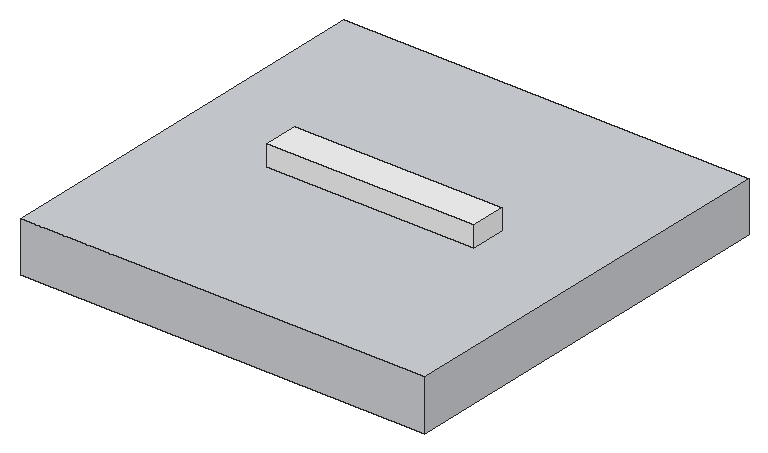
Revit family "EL-LW-HH4102A3AHN_()0000002894_Facebased_ver-2-0_2022_tsuujou_LDL40TN2737G3", category 照明器具, Revit 2022
Family settings
  ホスト = 面
  丸型コネクタ寸法 = 直径を使用
  パーツ タイプ = 標準
  ロード時にボイドで切り取り = いいえ
  光源 = いいえ
  注釈の向きを維持 = いいえ
  共有 = いいえ
  部屋計算ポイント = いいえ
Parameters (values of type "_固定出力_初期照度補正機能搭載なし__")
  電源種別_記号 = ""
  電源種別 = ""
  電圧指定 = 1
  防災用照明器具電源種別 = ""
  防災用照明器具種類 = ""
  開口部寸法(径) = 0 mm
  開口部寸法(幅) = 0 mm
  開口部寸法(奥行) = 0 mm
  配光角 = 0
  運転質量 = 0.00 kg
  質量 = 0.00 kg
  負荷分類 = none
  Description = ""
  誘導灯形式 = ""
  誘導灯仕様 = ""
  認定番号 = ""
  設置面露出寸法 [instance] = 124 mm
  設置方法 = "直付"
  記号 = ""
  製造元 = "三菱電機照明株式会社"
  製品質量 = 0.00 kg
  製品出荷対象 = ""
  製品リリース年月 = ""
  製品グループ = ""
  背面形式 = ""
  系統2 [instance] = ""
  系統 [instance] = ""
  符号 = ""
  積算_科目2 = ""
  積算_科目 = "1 電灯設備"
  積算_拾い区分 [instance] = ""
  種別 [instance] = ""
  相 = 1
  直径 = 0 mm
  盤記号2 [instance] = ""
  盤記号 [instance] = ""
  Apparent Load = 定格入力電圧 * 定格入力電流  # 62 VA
  用途 = ""
  特殊仕様 [instance] = ""
  built-in parameter 1140040 [instance] = 1
  照明制御装置の種類 = ""
  消費電力3 = 60.0 W
  消費電力2 = 60.0 W
  消費電力1 = 61.0 W
  法定耐用年数 = ""
  極数 = 1
  材質_本体 = none
  材質_反射板 = none
  材質_ルーバー = none
  材質_カバー = none
  材質 [instance] = ""
  本体 [instance] = 本体(グレー)
  Default Elevation = 1219.2 mm
  形式 = "笠付"
  平均演色評価数(Ra) = 83
  定格消費電力 = if(電圧指定 = 1, 消費電力1, if(電圧指定 = 2, 消費電力2, if(電圧指定 = 3, 消費電力3, 消費電力1)))  # 61.0 W
  定格入力電流 = if(電圧指定 = 1, 入力電流1, if(電圧指定 = 2, 入力電流2, if(電圧指定 = 3, 入力電流3, 入力電流1)))  # 0.620 A
  定格入力電圧 = if(電圧指定 = 1, [入力電圧1(電圧指定=1)], if(電圧指定 = 2, [入力電圧2(電圧指定=2)], if(電圧指定 = 3, [入力電圧3(電圧指定=3)], [入力電圧1(電圧指定=1)])))  # 100 V
  定格入力容量 = 定格入力電圧 * 定格入力電流  # 62 VA
  定格光束 = 0 lm
  安定器_蛍光灯 = ""
  安定器_定格電圧 = 0 V
  安定器_入力電流 = 0.000 A
  安定器_入力電力 = 0.0 W
  安定器_二次電圧 = 0 V
  固有エネルギー消費効率(lm/W) = 22.623
  器具サイズ = ""
  呼称 = "Lﾌｧｲﾝecoｼﾘｰｽﾞ非常灯"
  周波数 = 0 Hz
  名称 [instance] = ""
  参照している仕様書等のバージョン = ""
  分類コード = "40300000000000"
  分類グループ = ""
  公共型番 = ""
  入力電流3 = 0.270 A
  入力電流2 = 0.310 A
  入力電流1 = 0.620 A
  入力電圧3(電圧指定=3) = 242 V
  入力電圧2(電圧指定=2) = 200 V
  入力電圧1(電圧指定=1) = 100 V
  光源 [instance] = 光源
  保守率(3)悪いのコメント = "保守率悪いの場合：0.81"
  保守率(2)普通のコメント = "保守率普通の場合：0.86"
  保守率(1)良いのコメント = "保守率良いの場合：0.88"
  企業コード = "118713"
  付属品 [instance] = ""
  仕様書バージョン = ""
  仕様 = ""
  ランプの種類 = ""
  ランプ_電流 = 0.000 A
  ランプ_本数 = 2
  ランプ_定格消費電力 = 0.0 W
  ランプ_定格消費効率(lm/W) = 0
  ランプ_大きさ = ""
  ランプ_全光束 = 7400 lm
  ランプ = "LDL40T･N/27/37･G3"
  モデル = "EL-LW-HH4102A/3 AHN"
  サービススペース = no
  コンバート開始日時 = "2023年09月08日(金) 11時18分11秒430"
  Type Comments = ""
  コメント [instance] = ""
  グレア分類 = ""
  カバー形状 = ""
  Assembly Code = ""
  Width = 1246 mm
  Version = ""
  Uniclass2015Version = ""
  Uniclass2015Title = ""
  Uniclass2015Code = ""
  URL = "https://www.mitsubishielectric.co.jp/group/mlf/"
  SpecificationReference = ""
  SpecificationDescription = ""
  Revision = ""
  ProductInformation = ""
  OmniClassCode = ""
  LED制御装置 = "一般形(LN)"
  IfcTypeProduct = ""
  IfcProduct = ""
  IfcExportType = ""
  IfcExportAs = "IfcLightFixtureType"
  Height = 124 mm
  FamilyVersion = ""
  Depth = 215 mm
  Clearance Top = 0 mm
  Clearance Right = 0 mm
  Clearance Left = 0 mm
  Clearance Front = 0 mm
  Clearance Bottom = 0 mm
  Clearance Back = 0 mm
  Author = "三菱電機照明"
Reference planes
  plane 1 "中心(正面/背面)": y = 0
  plane 2: z = 0
  plane 3 "中心(左/右)": x = 0
  plane 4 "光源高さ": z = 124
  plane 5 "正面": y = -107.5
  plane 6 "背面": y = 107.5
  plane 7 "前後芯": y = 0
  plane 8 "左": x = -623
  plane 9 "右": x = 623
  plane 10 "左右芯": x = 0
  plane 11 "上": z = 0
Forms (mm)
  Extrusion 1, solid
    sketch origin (0, 0, 0) x (1, 0, 0) y (0, 1, 0)
      loop
        line (-1219.2, 1219.2) -> (-1219.2, -1219.2) -> (1219.2, -1219.2) -> (1219.2, 1219.2) -> (-1219.2, 1219.2)
    from 0 to -304.8
  Extrusion 2, solid
    sketch origin (1524, 2097.409, 0) x (0, 1, 0) y (1, 0, 0)
      loop
        line (-2204.909, -2147) -> (-1989.909, -2147) -> (-1989.909, -901) -> (-2204.909, -901) -> (-2204.909, -2147)
    from 0 to -124
Dimensions and locks
  "Width": plane 8 "左" to plane 9 "右"
  equal spacing: plane 8 "左", plane 10 "左右芯", plane 9 "右"
  "Depth": plane 5 "正面" to plane 6 "背面"
  equal spacing: plane 5 "正面", plane 7 "前後芯", plane 6 "背面"
  "Height": plane 11 "上" to plane 4 "光源高さ"
  "設置面露出寸法": level to plane 4 "光源高さ"
  aligned and locked: plane 2 to Extrusion 1
  aligned and locked: level to Extrusion 1
  aligned and locked: plane 11 "上" to Extrusion 2
  aligned and locked: Extrusion 2 to plane 4 "光源高さ"
  aligned and locked: plane 9 "右" to Extrusion 2
  aligned and locked: Extrusion 2 to plane 8 "左"
  aligned and locked: plane 5 "正面" to Extrusion 2
  aligned and locked: Extrusion 2 to plane 6 "背面"
Automatic sketch dimensions
  Extrusion 1 sketch curve to Extrusion 1 sketch curve = 2438.4 mm  (x2)
  plane 5 "正面" to Extrusion 2 sketch curve = 0 mm
  plane 6 "背面" to Extrusion 2 sketch curve = 0 mm
  Extrusion 2 sketch curve to plane 9 "右" = 0 mm
  Extrusion 2 sketch curve to plane 8 "左" = 0 mm
Connectors
  electrical at (0, 0, 0)
    settings: on Extrusion 2, index 1, voltage 0 V, apparent load 0 VA, apparent load phase1 0 VA, apparent load phase2 0 VA, apparent load phase3 0 VA, power factor 1, load classification "その他", number of poles 1, system type 31, power factor state 1, is connector primary yes, connector utility no, sub classification motor no, connector description ""
